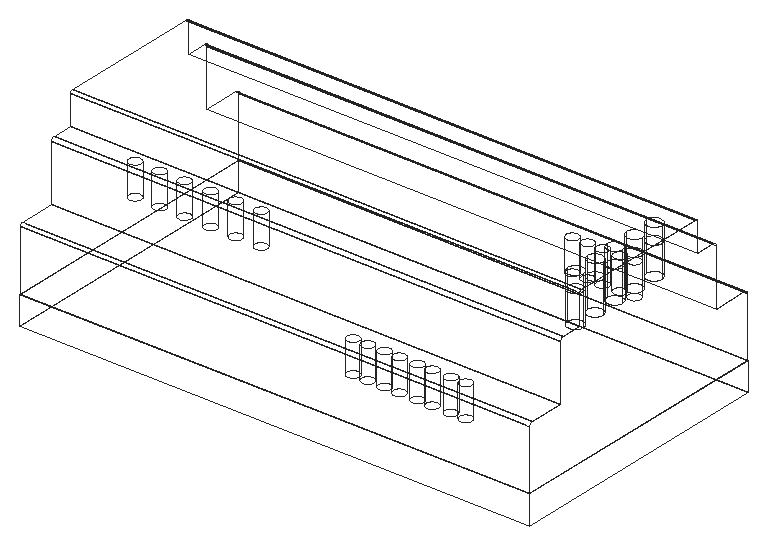
Revit family "Maxlogic  Module de désenfumage adressable Intelligent (seul)", category Fire Alarm Devices, host Face, Revit 2021
Family settings
  Host = Face
  Maintain Annotation Orientation = Yes
  Round Connector Dimension = Use Diameter
  Part Type = Normal
  OmniClass Number = 23.85.30.21
  OmniClass Title = Environmental Detection/Registration
  Cut with Voids When Loaded = No
  Shared = No
  Room Calculation Point = No
Parameters (values of type "Maxlogic Adressable Intelligent module de désenfumage 24V AC")
  Poids = ""
  Boîtier de montage en surface étanche = ""
  Unité de durée de garantie = "Ans"
  Durée de la garantie de pièces rechange = "2"
  Durée de la garantie Travail = "2"
  Version = ""
  URL = "https://www.mavili.com.tr/"
  Socle Montage à Surlévé = ""
  Numéro de pose des travaux publics = ""
  Protection de Classe = ""
  Code de Produit = "ML-1357"
  Numèro de Téléphone = "(+)90 216 466 45 05"
  Voltage de fonctionnement (défaut) = "24 V/DC"
  Voltage fonction d'opération = "18-33V/DC"
  Tempèrature de Fonctionnement = "(-30°C) - (+60°C)"
  Largeur Nominal = "60 mm"
  Longeur Nominal = "158 mm"
  Hauteur Nominal = "86 mm"
  Surface de Montage = "Montage à Mur"
  Hauteur de Montage = ""
  Model = "Maxlogic"
  Manufacturer = "Mavili Elektronik Ticaret A.Ş."
  Manuel d'Installation = "https://mavilielektronik.com/Revit/ML135XX_kk.pdf"
  Sortie d'indicateur = ""
  Numéro de Fax = "(+)90 216 466 45 10"
  Alimentation d'externe = "24 V/AC"
  E-poste = "mavili@mavili.com.tr"
  Avertissement = ""
  Charger adresse d'appareil = "Appareil d'adressage à Main"
  Description = "Adressable Intelligent module de désenfumage  24V AC"
  Default Elevation = 0 mm
  Current de Consommation = ""
  Coût Unité = ""
  Cost = 0
  Socle Compatible = ""
  Couleur = "Blanc"
  Code de Performance = "EN 54-17 / EN 54-18"
  Matèriel Principe = "Plastique Blanche ABS"
  Deuxième Matèriel = "Plastique"
  Batterie = ""
  Adresse ligne 1 = "Şerifali Mahallesi Kutup Sokak No:27/1-2-4 Ümraniye TR-34775 İSTANBUL"
Types (7, lengths in mm): name | Code de Produit | Alimentation d'externe | Charger adresse d'appareil | Description
  (no name) | "ML-1357" | "24 V/AC" | "Appareil d'adressage à Main" | "Adressable Intelligent module de désenfumage  24V AC"
  Maxlogic Adressable Intelligent module de désenfumage  24V DC | "ML-1356" | "24 V/DC" | "Appareil d'adressage à Main" | "Adressable Intelligent module de désenfumage  24V DC"
  Maxlogic Adressable Intelligent module de désenfumage 24V DC Isolateur de Court-Circuit | "ML-1356.SCI" | "24 V/DC" | "Appareil d'adressage à Main" | "Adressable Intelligent module de désenfumage 24V DC Isolateur de Court-Circuit"
  Maxlogic Adressable Intelligent module de désenfumage 24V AC | "ML-1357" | "24 V/AC" | "Appareil d'adressage à Main" | "Adressable Intelligent module de désenfumage  24V AC"
  Maxlogic Adressable Intelligent module de désenfumage  24V AC ,Isolateur de Court-Circuit | "ML-1357.SCI" | "24 V/AC" | "Appareil d'adressage à Mur" | "Adressable Intelligent module de désenfumage 24V AC,Isolateur de Court-Circuit"
  Maxlogic Adressable Intelligent module de désenfumage 220V AC | "ML-1358" | "220 V/AC" | "Appareil d'adressage à Main" | "Adressable Intelligent module de désenfumage  220V AC"
  Maxlogic Adressable Intelligent module de désenfumage 220V AC,Isolateur de Court-Circuit | "ML-1358.SCI" | "220 V/AC" | "Appareil d'adressage à Main" | "Adressable Intelligent module de désenfumage 220V AC,Isolateur de Court-Circuit"
Reference planes
  plane 1 "Center (Front/Back)": y = 0
  plane 2: z = 0
  plane 3 "Center (Left/Right)": x = 0
Forms (mm)
  Extrusion 1, solid, material "Mavili elektronik 1.renk"
    sketch origin (79, -130.689, 0) x (0, 1, 0) y (0, 0, -1)
      loop
        line (88.323, 0) -> (88.323, -8.989) -> (173.055, -8.989) -> (173.055, 0) -> (88.323, 0)
    from 0 to 158
  Extrusion 2, solid, material "Mavili elektronik 1.renk"
    sketch origin (79, -130.689, 0) x (0, 1, 0) y (0, 0, -1)
      loop
        line (172.922, -8.989) -> (88.455, -8.989) -> (88.455, -27.627)
        arc (88.455, -27.627) -> (88.726, -28.281) -> (89.38, -28.552) r 0.925
        line (89.38, -28.552) -> (100.484, -28.552) -> (100.484, -46.133)
        arc (100.484, -46.133) -> (100.839, -46.795) -> (101.541, -47.059) r 1.067
        line (101.541, -47.059) -> (107.754, -47.059) -> (107.754, -56.312)
        arc (107.754, -56.312) -> (108.111, -56.761) -> (108.679, -56.84) r 0.772
        line (108.679, -56.84) -> (152.566, -56.84)
        arc (152.566, -56.84) -> (153.205, -56.797) -> (153.623, -56.312) r 0.832
        line (153.623, -56.312) -> (153.623, -47.059) -> (159.836, -47.059)
        arc (159.836, -47.059) -> (160.49, -46.788) -> (160.761, -46.133) r 0.925
        line (160.761, -46.133) -> (160.761, -28.552) -> (171.865, -28.552)
        arc (171.865, -28.552) -> (172.567, -28.288) -> (172.922, -27.627) r 1.067
        line (172.922, -27.627) -> (172.922, -8.989)
    from 0 to 158
  Extrusion 3, void
    sketch origin (83.775, 21.877, 28.552) x (1, 0, 0) y (0, -1, 0)
      loop
        circle (-49.575, -14.336) r 1.93
    from 0 to 10
  Extrusion 4, void
    sketch origin (79.038, 21.877, 28.552) x (1, 0, 0) y (0, -1, 0)
      loop
        circle (-49.575, -14.336) r 1.93
    from 0 to 10
  Extrusion 5, void
    sketch origin (88.39, 21.877, 28.552) x (1, 0, 0) y (0, -1, 0)
      loop
        circle (-49.575, -14.336) r 1.93
    from 0 to 10
  Extrusion 6, void
    sketch origin (93.789, 21.877, 28.552) x (1, 0, 0) y (0, -1, 0)
      loop
        circle (-49.575, -14.336) r 1.93
    from 0 to 10
  Extrusion 7, void
    sketch origin (98.318, 21.877, 28.552) x (1, 0, 0) y (0, -1, 0)
      loop
        circle (-49.575, -14.336) r 1.93
    from 0 to 10
  Extrusion 8, void
    sketch origin (69.026, -50.601, 28.552) x (1, 0, 0) y (0, -1, 0)
      loop
        circle (-49.575, -14.336) r 1.93
    from 0 to 10
  Extrusion 9, void
    sketch origin (73.606, -50.601, 28.552) x (1, 0, 0) y (0, -1, 0)
      loop
        circle (-49.575, -14.336) r 1.93
    from 0 to 10
  Extrusion 10, void
    sketch origin (78.825, -50.601, 28.552) x (1, 0, 0) y (0, -1, 0)
      loop
        circle (-49.575, -14.336) r 1.93
    from 0 to 10
  Extrusion 11, void
    sketch origin (83.405, -50.601, 28.552) x (1, 0, 0) y (0, -1, 0)
      loop
        circle (-49.575, -14.336) r 1.93
    from 0 to 10
  Extrusion 12, void
    sketch origin (89.04, -50.601, 28.552) x (1, 0, 0) y (0, -1, 0)
      loop
        circle (-49.575, -14.336) r 1.93
    from 0 to 10
  Extrusion 13, void
    sketch origin (93.62, -50.601, 28.552) x (1, 0, 0) y (0, -1, 0)
      loop
        circle (-49.575, -14.336) r 1.93
    from 0 to 10
  Extrusion 14, void
    sketch origin (99.381, -50.601, 28.552) x (1, 0, 0) y (0, -1, 0)
      loop
        circle (-49.575, -14.336) r 1.93
    from 0 to 10
  Extrusion 15, void
    sketch origin (103.96, -50.601, 28.552) x (1, 0, 0) y (0, -1, 0)
      loop
        circle (-49.575, -14.336) r 1.93
    from 0 to 10
  Extrusion 16, void
    sketch origin (32.662, -40.858, 28.552) x (1, 0, 0) y (0, -1, 0)
      loop
        circle (-49.575, -14.336) r 1.93
    from -18.506 to -8.506
  Extrusion 17, void
    sketch origin (24.836, -40.858, 28.552) x (1, 0, 0) y (0, -1, 0)
      loop
        circle (-49.575, -14.336) r 1.93
    from -18.506 to -8.506
  Extrusion 18, void
    sketch origin (17.016, -40.858, 28.552) x (1, 0, 0) y (0, -1, 0)
      loop
        circle (-49.575, -14.336) r 1.93
    from -18.506 to -8.506
  Extrusion 19, void
    sketch origin (8.996, -40.858, 28.552) x (1, 0, 0) y (0, -1, 0)
      loop
        circle (-49.575, -14.336) r 1.93
    from -18.506 to -8.506
  Extrusion 20, void
    sketch origin (1.221, -40.858, 28.552) x (1, 0, 0) y (0, -1, 0)
      loop
        circle (-49.575, -14.336) r 1.93
    from -18.506 to -8.506
  Extrusion 21, void
    sketch origin (79, 21.877, 56.84) x (1, 0, 0) y (0, -1, 0)
      loop
        circle (-7.075, 7.019) r 2.445
    from 0 to 15
  Extrusion 22, void
    sketch origin (79, 14.208, 56.84) x (1, 0, 0) y (0, -1, 0)
      loop
        circle (-7.075, 7.019) r 2.445
    from 0 to 15
  Extrusion 23, void
    sketch origin (79, 6.646, 56.84) x (1, 0, 0) y (0, -1, 0)
      loop
        circle (-7.075, 7.019) r 2.445
    from 0 to 15
  Extrusion 24, void
    sketch origin (79, -1.022, 56.84) x (1, 0, 0) y (0, -1, 0)
      loop
        circle (-7.075, 7.019) r 2.445
    from 0 to 15
  Extrusion 25, void
    sketch origin (79, -8.691, 56.84) x (1, 0, 0) y (0, -1, 0)
      loop
        circle (-7.075, 7.019) r 2.445
    from 0 to 15
  Extrusion 26, solid, material "Glass"
    sketch origin (79, 21.877, 41.84) x (0, -1, 0) y (1, 0, 0)
      loop
        circle (7.019, -7.075) r 2.445
    from 0 to 10
  Extrusion 27, solid, material "Glass"
    sketch origin (79, 14.208, 41.84) x (0, -1, 0) y (1, 0, 0)
      loop
        circle (7.019, -7.075) r 2.445
    from 0 to 10
  Extrusion 28, solid, material "Glass"
    sketch origin (79, 6.646, 41.84) x (0, -1, 0) y (1, 0, 0)
      loop
        circle (7.019, -7.075) r 2.445
    from 0 to 10
  Extrusion 29, solid, material "Glass"
    sketch origin (79, -1.022, 41.84) x (0, -1, 0) y (1, 0, 0)
      loop
        circle (7.019, -7.075) r 2.445
    from 0 to 10
  Extrusion 30, solid, material "Glass"
    sketch origin (79, -8.691, 41.84) x (0, -1, 0) y (1, 0, 0)
      loop
        circle (7.019, -7.075) r 2.445
    from 0 to 10
  Extrusion 31, void
    sketch origin (-6.371, -40.858, 47.059) x (1, 0, 0) y (0, -1, 0)
      loop
        circle (-49.575, -14.336) r 1.93
    from 0 to 10
Cuts and joins
  Extrusion 3, Extrusion 4, Extrusion 5, Extrusion 6, Extrusion 7, Extrusion 8, Extrusion 9, Extrusion 10, Extrusion 11, Extrusion 12, Extrusion 13, Extrusion 14, Extrusion 15, Extrusion 16, Extrusion 17, Extrusion 18, Extrusion 19, Extrusion 20, Extrusion 21, Extrusion 22, Extrusion 23, Extrusion 24, Extrusion 25, Extrusion 31 cuts Extrusion 2
Lines and regions (mm)
  model lines
    curve 1: line (-60.042, -9.532, 56.84) -> (-60.042, -21.035, 56.84)
    curve 2: line (-36.61, -9.532, 56.84) -> (-60.042, -9.532, 56.84)
    curve 3: line (-36.61, -21.035, 56.84) -> (-36.61, -9.532, 56.84)
    curve 4: line (-60.042, -21.035, 56.84) -> (-36.61, -21.035, 56.84)
    curve 5: line (-36.61, -9.532, 56.84) -> (-36.61, -21.035, 56.84)
    curve 6: line (-13.178, -9.532, 56.84) -> (-36.61, -9.532, 56.84)
    curve 7: line (-13.178, -21.035, 56.84) -> (-13.178, -9.532, 56.84)
    curve 8: line (-36.61, -21.035, 56.84) -> (-13.178, -21.035, 56.84)
    curve 9: line (-60.042, -13.367, 56.84) -> (-13.178, -13.367, 56.84)
    curve 10: line (-13.178, -9.532, 56.84) -> (-36.61, -9.532, 56.84)
    curve 11: line (-13.178, -13.367, 56.84) -> (-13.178, -21.035, 56.84)
    curve 12: line (-28.835, -13.367, 56.84) -> (-28.835, -21.035, 56.84)
    curve 13: line (-20.953, -13.367, 56.84) -> (-20.953, -21.035, 56.84)
    curve 14: line (-44.385, -13.367, 56.84) -> (-44.385, -21.035, 56.84)
    curve 15: line (-52.16, -13.367, 56.84) -> (-52.16, -21.035, 56.84)
    curve 16: line (26.549, 20.822, 56.84) -> (26.549, 13.154, 56.84)
    curve 17: line (52.217, 20.822, 56.84) -> (26.549, 20.822, 56.84)
    curve 18: line (52.217, 13.154, 56.84) -> (52.217, 20.822, 56.84)
    curve 19: line (26.549, 13.154, 56.84) -> (52.217, 13.154, 56.84)
    curve 20: line (41.886, 16.988, 56.84) -> (52.217, 16.988, 56.84)
    curve 21: line (47.052, 16.988, 56.84) -> (47.052, 20.822, 56.84)
    curve 22: line (36.774, 16.988, 56.84) -> (26.549, 16.988, 56.84)
    curve 23: line (31.661, 20.822, 56.84) -> (31.661, 16.988, 56.84)
    curve 24: line (36.774, 20.822, 56.84) -> (36.774, 13.154, 56.84)
    curve 25: line (41.886, 20.822, 56.84) -> (41.886, 13.154, 56.84)
    curve 26: line (16.644, -8.467, 56.84) -> (16.644, -21.035, 56.84)
    curve 27: line (57.649, -8.467, 56.84) -> (16.644, -8.467, 56.84)
    curve 28: line (57.649, -21.035, 56.84) -> (57.649, -8.467, 56.84)
    curve 29: line (16.644, -21.035, 56.84) -> (57.649, -21.035, 56.84)
    curve 30: line (16.644, -13.367, 56.84) -> (57.649, -13.367, 56.84)
    curve 31: line (37.146, -8.467, 56.84) -> (37.146, -21.035, 56.84)
    curve 32: line (16.644, -17.201, 56.84) -> (57.649, -17.201, 56.84)
    curve 33: line (26.868, -13.367, 56.84) -> (26.868, -21.035, 56.84)
    curve 34: line (47.424, -13.367, 56.84) -> (47.424, -21.035, 56.84)
    curve 35: line (52.537, -17.201, 56.84) -> (52.537, -21.035, 56.84)
    curve 36: line (42.205, -17.201, 56.84) -> (42.205, -21.035, 56.84)
    curve 37: line (31.981, -17.201, 56.84) -> (31.981, -21.035, 56.84)
    curve 38: line (21.756, -17.201, 56.84) -> (21.756, -21.035, 56.84)
    curve 39: line (68.939, -33.816, 28.552) -> (-68.988, -33.816, 28.552)
    curve 40: line (-68.988, -38.822, 28.552) -> (68.939, -38.822, 28.552)
    curve 41: arc (68.939, -38.822, 28.552) -> (71.442, -36.319, 28.552) -> (68.939, -33.816, 28.552) r 2.503
    curve 42: arc (-68.988, -33.816, 28.552) -> (-71.491, -36.319, 28.552) -> (-68.988, -38.822, 28.552) r 2.503
    curve 43: line (68.939, 38.715, 28.552) -> (-68.988, 38.715, 28.552)
    curve 44: line (-68.988, 33.71, 28.552) -> (68.939, 33.71, 28.552)
    curve 45: arc (68.939, 38.715, 28.552) -> (71.442, 36.213, 28.552) -> (68.939, 33.71, 28.552) r 2.503
    curve 46: arc (-68.988, 33.71, 28.552) -> (-71.491, 36.213, 28.552) -> (-68.988, 38.715, 28.552) r 2.503
Dimensions and locks
  aligned and locked: plane 2 to host face
  aligned and locked: level to host face
Connectors
  electrical at (-16.914, -26.522, 37.059)
    settings: on cut or joined group of Extrusion 2, Extrusion 3, Extrusion 4, Extrusion 5, Extrusion 6, Extrusion 7, Extrusion 8, Extrusion 9, Extrusion 10, Extrusion 11, Extrusion 12, Extrusion 13, Extrusion 14, Extrusion 15, Extrusion 16, Extrusion 17, Extrusion 18, Extrusion 19, Extrusion 20, Extrusion 21, Extrusion 22, Extrusion 23, Extrusion 24, Extrusion 25, Extrusion 31, index 1, voltage 0 V, apparent load 0 VA, apparent load phase1 0 VA, apparent load phase2 0 VA, apparent load phase3 0 VA, power factor 1, load classification "Other", number of poles 1, system type 31, power factor state 1, is connector primary yes, connector utility no, sub classification motor no, connector description ""
